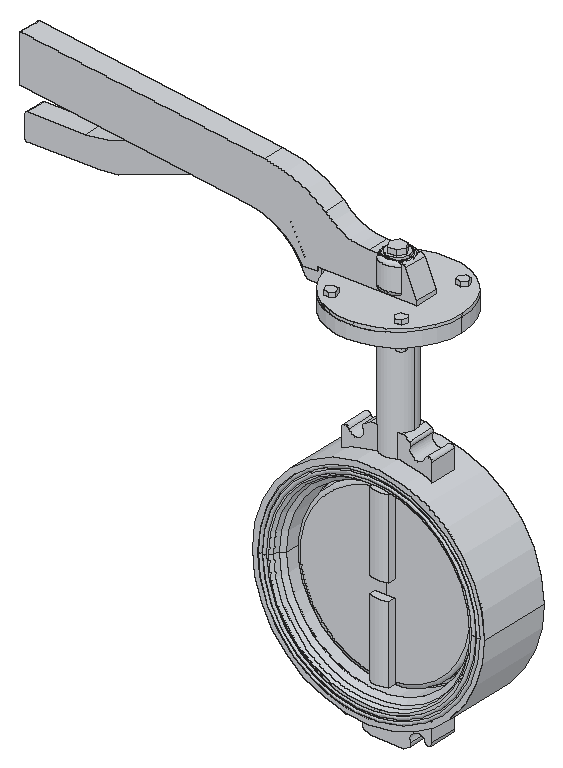
Revit family "R59WY010", category Plumbing Fixtures, Revit 2015
Reference planes
  plane 1 "Center (Front/Back)": y = 0
  plane 2: z = 0
  plane 3 "Center (Left/Right)": x = 0
  plane 4: z = 180
  plane 5: x = -260
  plane 6: z = 257
  plane 7: z = -100
  plane 8: z = -30
  plane 9: z = 210
  plane 10: z = -30
  plane 11: y = -25.738
  plane 12: y = 25.762
Forms (mm)
  Extrusion 1, solid
    sketch origin (0, 0, 170) x (1, 0, 0) y (0, 1, 0)
      loop
        circle (0, 0) r 45
    from 0 to 10
  Extrusion 2, solid
    sketch origin (0, 0, -76.95) x (1, 0, 0) y (0, 1, 0)
      loop
        circle (0, 0) r 12
    from 148.302 to 246.95
  Revolve 3, solid
    sketch origin (0, 0, 0) x (0, 1, 0) y (0, 0, 1)
      loop
        line (-1.078, -65.612) -> (1.078, -65.612) -> (1.078, -64.678)
        arc (1.078, -64.678) -> (1.953, -63.244) -> (3.478, -62.541) r 2.888
        line (3.478, -62.541) -> (6.599, -62.541)
        arc (6.599, -62.541) -> (9.772, -60.799) -> (11.11, -57.436) r 5.351
        line (11.11, -57.436) -> (11.11, 0) -> (-11.11, 0) -> (-11.11, -59.871)
        arc (-11.11, -59.871) -> (-10.328, -61.759) -> (-8.44, -62.541) r 2.67
        line (-8.44, -62.541) -> (-3.478, -62.541)
        arc (-3.478, -62.541) -> (-1.953, -63.244) -> (-1.078, -64.678) r 2.888
        line (-1.078, -64.678) -> (-1.078, -65.612)
      axis (11.11, 0) -> (-11.11, 0)
    angle from 0 to 360
  Blend 4, solid
    base sketch origin (0, 0, -4.163) x (1, 0, 0) y (0, 1, 0)
      loop
        line (-6.883, 16.4) -> (-6.883, -16.4)
        arc (-6.883, -16.4) -> (0, -18.078) -> (6.883, -16.4) r 14.953
        line (6.883, -16.4) -> (6.883, 16.4)
        arc (6.883, 16.4) -> (0, 18.078) -> (-6.883, 16.4) r 14.953
    top sketch origin (0, 0, 0) x (1, 0, 0) y (0, 1, 0)
      loop
        line (-6.883, 16.4) -> (-6.883, -16.4)
        arc (-6.883, -16.4) -> (0, -18.078) -> (6.883, -16.4) r 14.953
        line (6.883, -16.4) -> (6.883, 16.4)
        arc (6.883, 16.4) -> (0, 18.078) -> (-6.883, 16.4) r 14.953
    from 10.163 to 61.647
  Blend 5, solid
    base sketch origin (0, 0, -38.601) x (0, -1, 0) y (1, 0, 0)
      loop
        line (-16.4, -6.883) -> (16.4, -6.883)
        arc (16.4, -6.883) -> (18.078, 0) -> (16.4, 6.883) r 14.953
        line (16.4, 6.883) -> (-16.4, 6.883)
        arc (-16.4, 6.883) -> (-18.078, 0) -> (-16.4, -6.883) r 14.953
    top sketch origin (0, 0, -35.117) x (0, -1, 0) y (1, 0, 0)
      loop
        line (-16.4, -6.883) -> (16.4, -6.883)
        arc (16.4, -6.883) -> (18.078, 0) -> (16.4, 6.883) r 14.953
        line (16.4, 6.883) -> (-16.4, 6.883)
        arc (-16.4, 6.883) -> (-18.078, 0) -> (-16.4, -6.883) r 14.953
    from -21.894 to 29.117
  Extrusion 6, solid
    sketch origin (99.126, -27.447, 182) x (0, -1, 0) y (1, 0, 0)
      loop
        line (3.99, -123.113) -> (0.805, -120.344) -> (-3.184, -121.718) -> (-3.99, -125.86) -> (-0.805, -128.628) -> (3.184, -127.254) -> (3.99, -123.113)
    from 0 to 3
  Extrusion 7, solid
    sketch origin (99.126, -27.447, 162) x (0, -1, 0) y (1, 0, 0)
      loop
        circle (0, -124.486) r 3
    from 2.505 to 20
  Extrusion 8, solid
    sketch origin (99.126, -27.447, 169) x (0, -1, 0) y (1, 0, 0)
      loop
        line (3.99, -123.113) -> (0.805, -120.344) -> (-3.184, -121.718) -> (-3.99, -125.86) -> (-0.805, -128.628) -> (3.184, -127.254) -> (3.99, -123.113)
      loop
        line (-3.444, -125.672) -> (-0.695, -128.061) -> (2.749, -126.876) -> (3.444, -123.301) -> (0.695, -120.911) -> (-2.749, -122.097) -> (-3.444, -125.672)
    from -1.968 to 1
  Extrusion 9, solid, not visible
    sketch origin (26.117, -96.518, 104.233) x (0, -1, 0) y (1, 0, 0)
      loop
        line (3.99, -123.113) -> (0.805, -120.344) -> (-3.184, -121.718) -> (-3.99, -125.86) -> (-0.805, -128.628) -> (3.184, -127.254) -> (3.99, -123.113)
    from 0 to 3
  Extrusion 10, solid, not visible
    sketch origin (26.117, -96.518, 84.233) x (0, -1, 0) y (1, 0, 0)
      loop
        circle (0, -124.486) r 3
    from 2.505 to 20
  Extrusion 11, solid, not visible
    sketch origin (26.117, -96.518, 91.233) x (0, -1, 0) y (1, 0, 0)
      loop
        line (3.99, -123.113) -> (0.805, -120.344) -> (-3.184, -121.718) -> (-3.99, -125.86) -> (-0.805, -128.628) -> (3.184, -127.254) -> (3.99, -123.113)
      loop
        line (-3.444, -125.672) -> (-0.695, -128.061) -> (2.749, -126.876) -> (3.444, -123.301) -> (0.695, -120.911) -> (-2.749, -122.097) -> (-3.444, -125.672)
    from -1.968 to 1
  Extrusion 12, solid
    sketch origin (0, 0, 180) x (1, 0, 0) y (0, 1, 0)
      loop
        circle (0, 0) r 45
    from 0 to 2
  Extrusion 13, solid
    sketch origin (99.126, -27.447, 182) x (0, -1, 0) y (1, 0, 0)
      loop
        line (-58.884, -123.113) -> (-58.079, -127.254) -> (-54.09, -128.628) -> (-50.905, -125.86) -> (-51.71, -121.718) -> (-55.7, -120.344) -> (-58.884, -123.113)
    from 0 to 3
  Extrusion 14, solid
    sketch origin (99.126, -27.447, 162) x (0, -1, 0) y (1, 0, 0)
      loop
        circle (-54.895, -124.486) r 3
    from 2.505 to 20
  Extrusion 15, solid
    sketch origin (99.126, -27.447, 169) x (0, -1, 0) y (1, 0, 0)
      loop
        line (-58.884, -123.113) -> (-58.079, -127.254) -> (-54.09, -128.628) -> (-50.905, -125.86) -> (-51.71, -121.718) -> (-55.7, -120.344) -> (-58.884, -123.113)
      loop
        line (-51.451, -125.672) -> (-52.146, -122.097) -> (-55.59, -120.911) -> (-58.339, -123.301) -> (-57.644, -126.876) -> (-54.2, -128.061) -> (-51.451, -125.672)
    from -1.968 to 1
  Extrusion 16, solid
    sketch origin (-100.376, 27.447, 182) x (0, 1, 0) y (-1, 0, 0)
      loop
        line (-58.884, -123.113) -> (-58.079, -127.254) -> (-54.09, -128.628) -> (-50.905, -125.86) -> (-51.71, -121.718) -> (-55.7, -120.344) -> (-58.884, -123.113)
    from 0 to 3
  Extrusion 17, solid
    sketch origin (-100.376, 27.447, 162) x (0, 1, 0) y (-1, 0, 0)
      loop
        circle (-54.895, -124.486) r 3
    from 2.505 to 20
  Extrusion 18, solid
    sketch origin (-100.376, 27.447, 169) x (0, 1, 0) y (-1, 0, 0)
      loop
        line (-58.884, -123.113) -> (-58.079, -127.254) -> (-54.09, -128.628) -> (-50.905, -125.86) -> (-51.71, -121.718) -> (-55.7, -120.344) -> (-58.884, -123.113)
      loop
        line (-51.451, -125.672) -> (-52.146, -122.097) -> (-55.59, -120.911) -> (-58.339, -123.301) -> (-57.644, -126.876) -> (-54.2, -128.061) -> (-51.451, -125.672)
    from -1.968 to 1
  Extrusion 19, solid
    sketch origin (-100.376, 27.447, 182) x (0, 1, 0) y (-1, 0, 0)
      loop
        line (3.99, -123.113) -> (0.805, -120.344) -> (-3.184, -121.718) -> (-3.99, -125.86) -> (-0.805, -128.628) -> (3.184, -127.254) -> (3.99, -123.113)
    from 0 to 3
  Extrusion 20, solid
    sketch origin (-100.376, 27.447, 162) x (0, 1, 0) y (-1, 0, 0)
      loop
        circle (0, -124.486) r 3
    from 2.505 to 20
  Extrusion 21, solid
    sketch origin (-100.376, 27.447, 169) x (0, 1, 0) y (-1, 0, 0)
      loop
        line (3.99, -123.113) -> (0.805, -120.344) -> (-3.184, -121.718) -> (-3.99, -125.86) -> (-0.805, -128.628) -> (3.184, -127.254) -> (3.99, -123.113)
      loop
        line (-3.444, -125.672) -> (-0.695, -128.061) -> (2.749, -126.876) -> (3.444, -123.301) -> (0.695, -120.911) -> (-2.749, -122.097) -> (-3.444, -125.672)
    from -1.968 to 1
  Extrusion 22, solid
    sketch origin (125.063, -27.447, 207.144) x (0, -1, 0) y (1, 0, 0)
      loop
        line (-32.638, -122.069) -> (-32.638, -128.062) -> (-27.447, -131.059) -> (-22.257, -128.062) -> (-22.257, -122.069) -> (-27.447, -119.072) -> (-32.638, -122.069)
    from -1.014 to 2.856
  Extrusion 23, solid
    sketch origin (124.477, -54.895, 202.2) x (0, -1, 0) y (1, 0, 0)
      loop
        circle (-54.895, -124.486) r 8
    from -22.2 to 3.931
  Sweep 24, solid
    path origin (0, 0, 0) x (1, 0, 0) y (0, 0, 1)
      loop
        circle (0, 0) r 82
    profile origin (0, 0, -82) x (0, 0, 1) y (0, -1, 0)
      loop
        line (16.683, -16.185) -> (16.683, 16.185) -> (13.454, 19.414) -> (12.517, 22.911) -> (10.888, 25.253) -> (9.28, 25.253)
        arc (9.28, 25.253) -> (8.267, 26.267) -> (7.253, 25.253) r 1.014
        line (7.253, 25.253) -> (5.98, 25.253)
        arc (5.98, 25.253) -> (4.966, 26.267) -> (3.952, 25.253) r 1.014
        line (3.952, 25.253) -> (0.625, 25.253) -> (0.625, -25.253) -> (3.952, -25.253)
        arc (3.952, -25.253) -> (4.966, -26.267) -> (5.98, -25.253) r 1.014
        line (5.98, -25.253) -> (7.253, -25.253)
        arc (7.253, -25.253) -> (8.267, -26.267) -> (9.28, -25.253) r 1.014
        line (9.28, -25.253) -> (10.888, -25.253) -> (12.517, -22.911) -> (13.454, -19.414) -> (16.683, -16.185)
  Revolve 25, solid
    sketch origin (0, 0, 40) x (1, 0, 0) y (0, 0, 1)
      loop
        line (-9.486, 143.746) -> (0, 143.746) -> (0, 165) -> (-9.486, 165)
        arc (-9.486, 165) -> (-11.259, 164.265) -> (-11.994, 162.492) r 2.508
        line (-11.994, 162.492) -> (-11.994, 146.254)
        arc (-11.994, 146.254) -> (-11.259, 144.481) -> (-9.486, 143.746) r 2.508
      axis (0, 143.746) -> (0, 165)
    angle from 0 to 360
  Sweep 26, solid
    path origin (-0.002, 0, 0) x (1, 0, 0) y (0, 0, 1)
      loop
        circle (0, 0) r 82
    profile origin (-0.002, 0, -82) x (0, 0, 1) y (0, -1, 0)
      loop
        line (0, 25.738) -> (0, -25.762) -> (3.888, -25.762) -> (3.888, 25.738) -> (0, 25.738)
  Extrusion 27, solid
    sketch origin (-0.022, 45.948, -100.573) x (1, 0, 0) y (0, 0, 1)
      loop
        arc (-14.408, 305.574) -> (-31.009, 309.172) -> (-44.632, 319.319) r 40.102
        arc (-44.632, 319.319) -> (-64.682, 331.561) -> (-87.387, 337.59) r 81.686
        line (-87.387, 337.59) -> (-259.322, 357.495)
        arc (-259.322, 357.495) -> (-259.796, 357.345) -> (-260, 356.891) r 0.608
        line (-260, 356.891) -> (-260, 323.702) -> (-98.154, 304.965)
        arc (-98.154, 304.965) -> (-76.145, 296.857) -> (-60.289, 279.573) r 49.8
        line (-60.289, 279.573) -> (-50.289, 279.573) -> (-50.289, 282.573) -> (19.968, 282.573) -> (19.968, 285.573) -> (12.303, 303.631)
        arc (12.303, 303.631) -> (11.17, 305.016) -> (9.47, 305.574) r 3.193
        line (9.47, 305.574) -> (-14.408, 305.574)
    from 37.966 to 54.11
  Extrusion 28, solid
    sketch origin (-37.805, 45.948, -175.087) x (1, 0, 0) y (0, 0, 1)
      loop
        arc (-22.093, 349.062) -> (-20.549, 347.09) -> (-18.159, 346.344) r 4.207
        line (-18.159, 346.344) -> (-9.636, 346.344) -> (-9.636, 357.087) -> (-17.519, 357.087)
        arc (-17.519, 357.087) -> (-19.393, 357.527) -> (-20.874, 358.756) r 4.207
        line (-20.874, 358.756) -> (-36.673, 388.468)
        arc (-36.673, 388.468) -> (-42.926, 395.877) -> (-51.675, 400.052) r 23.006
        line (-51.675, 400.052) -> (-121.464, 408.132)
        arc (-121.464, 408.132) -> (-146.554, 389.335) -> (-177.106, 382.301) r 75.785
        line (-177.106, 382.301) -> (-217.214, 382.301)
        arc (-217.214, 382.301) -> (-218.486, 381.806) -> (-219.141, 380.609) r 1.995
        line (-219.141, 380.609) -> (-219.141, 365.458)
        arc (-219.141, 365.458) -> (-218.486, 364.261) -> (-217.214, 363.766) r 1.995
        line (-217.214, 363.766) -> (-165.969, 363.766)
        arc (-165.969, 363.766) -> (-159.476, 364.161) -> (-153.041, 365.112) r 75.785
        line (-153.041, 365.112) -> (-102.034, 383.677) -> (-60.442, 378.862)
        arc (-60.442, 378.862) -> (-37.124, 369.314) -> (-22.17, 349.033) r 46.662
    from 38.356 to 53.486
  Extrusion 29, solid
    sketch origin (-2.813, 0.293, -19.478) x (1, 0, 0) y (0, 0, 1)
      loop
        arc (18.871, -78.038) -> (19.767, -76.756) -> (19.652, -75.205) r 2.274
        arc (19.652, -75.205) -> (22.463, -67.837) -> (29.701, -70.967) r 5.458
        arc (29.701, -70.967) -> (32.458, -72.724) -> (34.596, -70.251) r 2.5
        line (34.596, -70.251) -> (34.596, -47.891)
        arc (34.596, -47.891) -> (2.811, -61.693) -> (-28.974, -47.891) r 43.5
        line (-28.974, -47.891) -> (-28.974, -70.251)
        arc (-28.974, -70.251) -> (-26.836, -72.724) -> (-24.079, -70.967) r 2.5
        arc (-24.079, -70.967) -> (-16.841, -67.837) -> (-14.03, -75.205) r 5.458
        arc (-14.03, -75.205) -> (-14.145, -76.756) -> (-13.249, -78.037) r 2.274
        arc (-13.249, -78.037) -> (-11.147, -79.338) -> (-8.94, -80.453) r 28.535
        line (-8.94, -80.453) -> (14.565, -80.453)
        arc (14.565, -80.453) -> (16.77, -79.339) -> (18.871, -78.038) r 28.535
    from -9.388 to 9.974
  Extrusion 30, solid
    sketch origin (-2.813, 0.293, 23.668) x (1, 0, 0) y (0, 0, 1)
      loop
        arc (18.871, 71.788) -> (16.77, 73.089) -> (14.565, 74.203) r 28.535
        line (14.565, 74.203) -> (-8.94, 74.203)
        arc (-8.94, 74.203) -> (-11.147, 73.088) -> (-13.249, 71.787) r 28.535
        arc (-13.249, 71.787) -> (-14.145, 70.506) -> (-14.03, 68.955) r 2.274
        arc (-14.03, 68.955) -> (-16.841, 61.587) -> (-24.079, 64.717) r 5.458
        arc (-24.079, 64.717) -> (-26.836, 66.474) -> (-28.974, 64.001) r 2.5
        line (-28.974, 64.001) -> (-28.974, 47.247)
        arc (-28.974, 47.247) -> (2.778, 56.266) -> (34.596, 47.48) r 61.191
        line (34.596, 47.48) -> (34.596, 64.001)
        arc (34.596, 64.001) -> (32.458, 66.474) -> (29.701, 64.717) r 2.5
        arc (29.701, 64.717) -> (22.463, 61.587) -> (19.652, 68.955) r 5.458
        arc (19.652, 68.955) -> (19.767, 70.506) -> (18.871, 71.788) r 2.274
    from -9.388 to 9.974
Dimensions and locks
  plane 2 to plane 4 = 180 mm
  plane 3 "Center (Left/Right)" to plane 5 = 260 mm
  level to plane 6 = 257 mm
  plane 7 to level = 100 mm
  locked: plane 4 to plane 9 at 30
  plane 12 to plane 11 = 51.5 mm
  aligned and locked: level to plane 2
